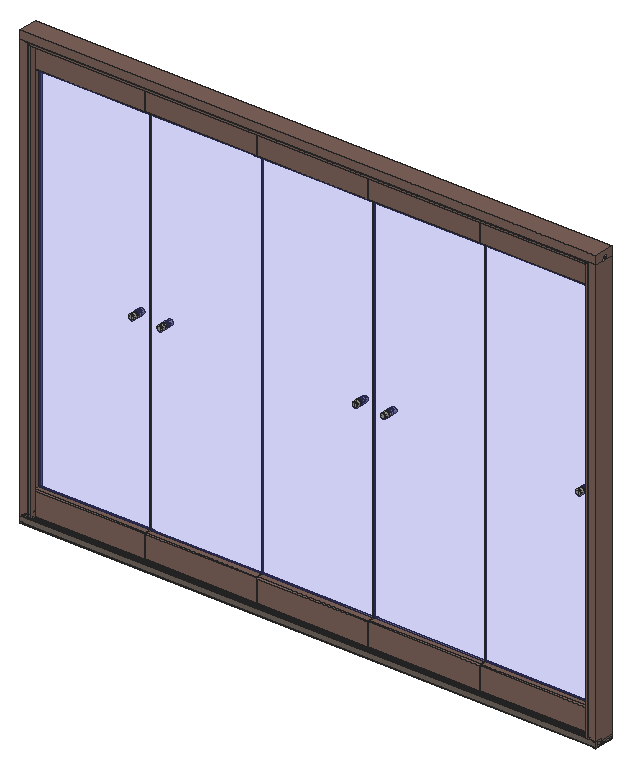
Revit family "FL5L 2385 LH", category Doors, host Wall, Revit 2015
Parameters (values of type "FL5L 2385 LH")
  Function = Interior
  Frame Projection Ext. = 25 mm
  Frame Projection Int. = 25 mm
  Frame Width = 75 mm
  Height = 2385 mm
  Wall Closure = By host
  Width = 3115 mm
Reference planes
  plane 1: y = 0
  plane 2 "Center (Left/Right)": x = 0
  plane 3 "Left": x = -1557.5
  plane 4 "Right": x = 1557.5
  plane 5: z = 2385
  plane 6 "Exterior": y = 75
  plane 7 "Interior": y = -75
  plane 8: x = 1512.5
  plane 9: x = 1508
  plane 10: x = 908
  plane 11: x = 904
  plane 12: x = 304
  plane 13: x = 300
  plane 14: x = -300
  plane 15: x = -304
  plane 16: x = -904
  plane 17: x = -908
  plane 18: x = -1508
  plane 19: x = -1512.5
Forms (mm)
  Extrusion 1, solid, material "Meranti (Frameless)"
    sketch origin (0, 0, 285) x (0, 1, 0) y (0, 0, 1)
      loop
        line (52.5, 2100) -> (-52.5, 2100) -> (-52.5, 2055) -> (-6.5, 2055) -> (-6.5, 2075) -> (15.5, 2075) -> (15.5, 2055) -> (52.5, 2055) -> (52.5, 2100)
    from -1557.5 to 1557.5
  Extrusion 2, solid, material "Steel, Chrome Plated"
    sketch origin (667.231, -1.5, 285) x (0, 1, 0) y (0, 0, 1)
      loop
        line (16.5, 2075) -> (-4.5, 2075) -> (-4.5, 2055) -> (-2.3, 2055) -> (-2.3, 2072.8) -> (14.3, 2072.8) -> (14.3, 2055) -> (16.5, 2055) -> (16.5, 2075)
    from -2224.731 to 890.269
  Extrusion 3, solid, material "Meranti (Frameless)"
    sketch origin (0, 0, 0) x (1, 0, 0) y (0, 1, 0)
      loop
        line (-1557.5, 52.5) -> (-1557.5, -52.5) -> (-1512.5, -52.5) -> (-1512.5, 24.5) -> (-1524.5, 24.5) -> (-1524.5, 52.5) -> (-1557.5, 52.5)
      loop
        line (1557.5, 52.5) -> (1524.5, 52.5) -> (1524.5, 24.5) -> (1512.5, 24.5) -> (1512.5, -52.5) -> (1557.5, -52.5) -> (1557.5, 52.5)
    from 32 to 2340
  Extrusion 4, solid, material "Aluminium Cill (Bronze)"
    sketch origin (0, 79.18, -119.746) x (0, 1, 0) y (0, 0, 1)
      loop
        line (-26.68, 120.746) -> (-26.68, 135.746)
        arc (-26.68, 135.746) -> (-27.558, 137.867) -> (-29.68, 138.746) r 3
        line (-29.68, 138.746) -> (-40.947, 138.746)
        arc (-40.947, 138.746) -> (-42.68, 137.746) -> (-44.412, 138.746) r 2
        line (-44.412, 138.746) -> (-48.947, 138.746)
        arc (-48.947, 138.746) -> (-50.68, 137.746) -> (-52.412, 138.746) r 2
        line (-52.412, 138.746) -> (-56.947, 138.746)
        arc (-56.947, 138.746) -> (-58.68, 137.746) -> (-60.412, 138.746) r 2
        line (-60.412, 138.746) -> (-67.18, 138.746) -> (-67.18, 135.246)
        arc (-67.18, 135.246) -> (-67.619, 134.185) -> (-68.68, 133.746) r 1.5
        line (-68.68, 133.746) -> (-73.43, 133.746) -> (-73.43, 135.746) -> (-71.996, 135.746)
        arc (-71.996, 135.746) -> (-74.68, 138.746) -> (-77.363, 135.746) r 2.7
        line (-77.363, 135.746) -> (-75.93, 135.746) -> (-75.93, 133.746) -> (-80.68, 133.746)
        arc (-80.68, 133.746) -> (-81.74, 134.185) -> (-82.18, 135.246) r 1.5
        line (-82.18, 135.246) -> (-82.18, 138.746) -> (-90.432, 138.746) -> (-98.68, 138.746) -> (-98.68, 143.746)
        arc (-98.68, 143.746) -> (-99.18, 144.246) -> (-99.68, 143.746) r 0.5
        line (-99.68, 143.746) -> (-99.68, 142.734) -> (-100.88, 142.734) -> (-100.88, 150.246) -> (-99.68, 150.246) -> (-99.68, 149.246)
        arc (-99.68, 149.246) -> (-99.18, 148.746) -> (-98.68, 149.246) r 0.5
        line (-98.68, 149.246) -> (-98.68, 150.746)
        arc (-98.68, 150.746) -> (-98.972, 151.453) -> (-99.68, 151.746) r 1
        line (-99.68, 151.746) -> (-109.447, 151.746)
        arc (-109.447, 151.746) -> (-111.18, 150.746) -> (-112.912, 151.746) r 2
        line (-112.912, 151.746) -> (-117.447, 151.746)
        arc (-117.447, 151.746) -> (-119.18, 150.746) -> (-120.912, 151.746) r 2
        line (-120.912, 151.746) -> (-130.68, 151.746)
        arc (-130.68, 151.746) -> (-131.387, 151.453) -> (-131.68, 150.746) r 1
        line (-131.68, 150.746) -> (-131.68, 120.746)
        arc (-131.68, 120.746) -> (-131.387, 120.039) -> (-130.68, 119.746) r 1
        line (-130.68, 119.746) -> (-27.68, 119.746)
        arc (-27.68, 119.746) -> (-26.972, 120.039) -> (-26.68, 120.746) r 1
      loop
        line (-29.68, 137.246) -> (-40.23, 137.246)
        arc (-40.23, 137.246) -> (-42.68, 136.246) -> (-45.129, 137.246) r 3.5
        line (-45.129, 137.246) -> (-48.23, 137.246)
        arc (-48.23, 137.246) -> (-50.68, 136.246) -> (-53.129, 137.246) r 3.5
        line (-53.129, 137.246) -> (-56.23, 137.246)
        arc (-56.23, 137.246) -> (-58.68, 136.246) -> (-61.129, 137.246) r 3.5
        line (-61.129, 137.246) -> (-65.68, 137.246) -> (-65.68, 135.246)
        arc (-65.68, 135.246) -> (-66.558, 133.125) -> (-68.68, 132.246) r 3
        line (-68.68, 132.246) -> (-73.93, 132.246) -> (-73.93, 121.246) -> (-28.18, 121.246) -> (-28.18, 135.746)
        arc (-28.18, 135.746) -> (-28.619, 136.807) -> (-29.68, 137.246) r 1.5
      loop
        line (-75.43, 132.246) -> (-80.68, 132.246)
        arc (-80.68, 132.246) -> (-82.801, 133.125) -> (-83.68, 135.246) r 3
        line (-83.68, 135.246) -> (-83.68, 137.246) -> (-98.68, 137.246) -> (-98.68, 121.246) -> (-75.43, 121.246) -> (-75.43, 132.246)
      loop
        line (-100.18, 121.246) -> (-100.18, 141.246) -> (-102.38, 141.246) -> (-102.38, 150.246) -> (-108.73, 150.246)
        arc (-108.73, 150.246) -> (-111.18, 149.246) -> (-113.629, 150.246) r 3.5
        line (-113.629, 150.246) -> (-116.73, 150.246)
        arc (-116.73, 150.246) -> (-119.18, 149.246) -> (-121.629, 150.246) r 3.5
        line (-121.629, 150.246) -> (-130.18, 150.246) -> (-130.18, 121.246) -> (-100.18, 121.246)
    from -1557.5 to 1557.5
  Extrusion 5, solid, material "Meranti (Frameless)"
    sketch origin (0, 0, 0) x (1, 0, 0) y (0, 1, 0)
      loop
        line (-1557.5, 52.5) -> (-1557.5, -19.5) -> (-1512.5, -19.5) -> (-1512.5, 24.5) -> (-1524.5, 24.5) -> (-1524.5, 52.5) -> (-1557.5, 52.5)
      loop
        line (1557.5, 52.5) -> (1524.5, 52.5) -> (1524.5, 24.5) -> (1512.5, 24.5) -> (1512.5, -19.5) -> (1557.5, -19.5) -> (1557.5, 52.5)
    from 19 to 32
  Extrusion 6, solid, material "Meranti (Frameless)"
    sketch origin (0, 0, 285) x (0, 1, 0) y (0, 0, 1)
      loop
        line (-52.5, 2052) -> (-52.5, 2042) -> (-26.5, 2042) -> (-26.5, 2045.5) -> (-33.5, 2045.5) -> (-33.5, 2048.5) -> (-26.5, 2048.5) -> (-26.5, 2055) -> (-49.5, 2055) -> (-49.5, 2052) -> (-52.5, 2052)
    from -1512.5 to 1512.5
  Extrusion 7, solid, material "Meranti (Frameless)"
    sketch origin (0, 0, 285) x (1, 0, 0) y (0, 1, 0)
      loop
        line (-1509.5, -52.5) -> (-1499.5, -52.5) -> (-1499.5, -26.5) -> (-1503, -26.5) -> (-1503, -33.5) -> (-1506, -33.5) -> (-1506, -26.5) -> (-1512.5, -26.5) -> (-1512.5, -49.5) -> (-1509.5, -49.5) -> (-1509.5, -52.5)
      loop
        line (1509.5, -52.5) -> (1509.5, -49.5) -> (1512.5, -49.5) -> (1512.5, -26.5) -> (1506, -26.5) -> (1506, -33.5) -> (1503, -33.5) -> (1503, -26.5) -> (1499.5, -26.5) -> (1499.5, -52.5) -> (1509.5, -52.5)
    from -253 to 2042
  Extrusion 8, solid, material "Meranti (Frameless)"
    sketch origin (598, 0, 0) x (0, 1, 0) y (0, 0, 1)
      loop
        line (24.5, 24) -> (24.5, 112) -> (13, 112) -> (13, 162) -> (-15.5, 162) -> (-20.5, 157) -> (-20.5, 37) -> (-15.5, 37) -> (-15.5, 24) -> (24.5, 24)
      loop
        line (24.5, 2335) -> (-20.5, 2335) -> (-20.5, 2202) -> (-15.5, 2197) -> (13, 2197) -> (13, 2247) -> (24.5, 2247) -> (24.5, 2335)
    from 310 to 910
  Extrusion 9, solid, material "Glass"
    sketch origin (1071.601, -93.1, -804.253) x (1, 0, 0) y (0, 0, 1)
      loop
        line (-163.601, 3051.253) -> (-163.601, 916.253) -> (436.399, 916.253) -> (436.399, 3051.253) -> (-163.601, 3051.253)
    from -116.1 to -106.1
  Extrusion 10, solid, material "Rubber, Black"
    sketch origin (600.5, 0, 0) x (0, 1, 0) y (0, 0, 1)
      loop
        line (24.5, 112) -> (24.5, 162) -> (23, 162) -> (23, 112) -> (24.5, 112)
      loop
        line (24.5, 2197) -> (24.5, 2247) -> (23, 2247) -> (23, 2197) -> (24.5, 2197)
    from 307.5 to 907.5
  Revolve 11, solid, material "Steel, S 460"
    sketch origin (1058, 0, -1800) x (0, 1, 0) y (0, 0, 1)
      loop
        line (24.5, 1941.5) -> (31.5, 1941.5) -> (31.5, 1950) -> (29.5, 1952) -> (24.5, 1952) -> (24.5, 1941.5)
      axis (31.5, 1937) -> (24.5, 1937)
    angle from 0 to 360
  Revolve 12, solid, material "Steel, S 460"
    sketch origin (1358, 0, -1800) x (0, 1, 0) y (0, 0, -1)
      loop
        line (24.5, -1941.5) -> (24.5, -1952) -> (29.5, -1952) -> (31.5, -1950) -> (31.5, -1941.5) -> (24.5, -1941.5)
      axis (31.5, -1937) -> (24.5, -1937)
    angle from 0 to 360
  Revolve 13, solid, material "Steel, S 460"
    sketch origin (1058, 0, 285) x (0, 1, 0) y (0, 0, 1)
      loop
        line (24.5, 1941.5) -> (31.5, 1941.5) -> (31.5, 1950) -> (29.5, 1952) -> (24.5, 1952) -> (24.5, 1941.5)
      axis (31.5, 1937) -> (24.5, 1937)
    angle from 0 to 360
  Revolve 14, solid, material "Steel, S 460"
    sketch origin (1358, 0, 285) x (0, 1, 0) y (0, 0, -1)
      loop
        line (24.5, -1941.5) -> (24.5, -1952) -> (29.5, -1952) -> (31.5, -1950) -> (31.5, -1941.5) -> (24.5, -1941.5)
      axis (31.5, -1937) -> (24.5, -1937)
    angle from 0 to 360
  Extrusion 15, solid, material "Meranti (Frameless)"
    sketch origin (-6, 0, 0) x (0, 1, 0) y (0, 0, 1)
      loop
        line (24.5, 24) -> (24.5, 112) -> (13, 112) -> (13, 162) -> (-15.5, 162) -> (-20.5, 157) -> (-20.5, 37) -> (-15.5, 37) -> (-15.5, 24) -> (24.5, 24)
      loop
        line (24.5, 2335) -> (-20.5, 2335) -> (-20.5, 2202) -> (-15.5, 2197) -> (13, 2197) -> (13, 2247) -> (24.5, 2247) -> (24.5, 2335)
    from 310 to 910
  Extrusion 16, solid, material "Glass"
    sketch origin (467.601, -93.1, -804.253) x (1, 0, 0) y (0, 0, 1)
      loop
        line (-163.601, 3051.253) -> (-163.601, 916.253) -> (436.399, 916.253) -> (436.399, 3051.253) -> (-163.601, 3051.253)
    from -116.1 to -106.1
  Extrusion 17, solid, material "Rubber, Black"
    sketch origin (-3.5, 0, 0) x (0, 1, 0) y (0, 0, 1)
      loop
        line (24.5, 112) -> (24.5, 162) -> (23, 162) -> (23, 112) -> (24.5, 112)
      loop
        line (24.5, 2197) -> (24.5, 2247) -> (23, 2247) -> (23, 2197) -> (24.5, 2197)
    from 307.5 to 907.5
  Revolve 18, solid, material "Steel, S 460"
    sketch origin (454, 0, -1800) x (0, 1, 0) y (0, 0, 1)
      loop
        line (24.5, 1941.5) -> (31.5, 1941.5) -> (31.5, 1950) -> (29.5, 1952) -> (24.5, 1952) -> (24.5, 1941.5)
      axis (31.5, 1937) -> (24.5, 1937)
    angle from 0 to 360
  Revolve 19, solid, material "Steel, S 460"
    sketch origin (754, 0, -1800) x (0, 1, 0) y (0, 0, -1)
      loop
        line (24.5, -1941.5) -> (24.5, -1952) -> (29.5, -1952) -> (31.5, -1950) -> (31.5, -1941.5) -> (24.5, -1941.5)
      axis (31.5, -1937) -> (24.5, -1937)
    angle from 0 to 360
  Revolve 20, solid, material "Steel, S 460"
    sketch origin (454, 0, 285) x (0, 1, 0) y (0, 0, 1)
      loop
        line (24.5, 1941.5) -> (31.5, 1941.5) -> (31.5, 1950) -> (29.5, 1952) -> (24.5, 1952) -> (24.5, 1941.5)
      axis (31.5, 1937) -> (24.5, 1937)
    angle from 0 to 360
  Revolve 21, solid, material "Steel, S 460"
    sketch origin (754, 0, 285) x (0, 1, 0) y (0, 0, -1)
      loop
        line (24.5, -1941.5) -> (24.5, -1952) -> (29.5, -1952) -> (31.5, -1950) -> (31.5, -1941.5) -> (24.5, -1941.5)
      axis (31.5, -1937) -> (24.5, -1937)
    angle from 0 to 360
  Extrusion 22, solid, material "Meranti (Frameless)"
    sketch origin (-610, 0, 0) x (0, 1, 0) y (0, 0, 1)
      loop
        line (24.5, 24) -> (24.5, 112) -> (13, 112) -> (13, 162) -> (-15.5, 162) -> (-20.5, 157) -> (-20.5, 37) -> (-15.5, 37) -> (-15.5, 24) -> (24.5, 24)
      loop
        line (24.5, 2335) -> (-20.5, 2335) -> (-20.5, 2202) -> (-15.5, 2197) -> (13, 2197) -> (13, 2247) -> (24.5, 2247) -> (24.5, 2335)
    from 310 to 910
  Extrusion 23, solid, material "Glass"
    sketch origin (-136.399, -93.1, -804.253) x (1, 0, 0) y (0, 0, 1)
      loop
        line (-163.601, 3051.253) -> (-163.601, 916.253) -> (436.399, 916.253) -> (436.399, 3051.253) -> (-163.601, 3051.253)
    from -116.1 to -106.1
  Extrusion 24, solid, material "Rubber, Black"
    sketch origin (-607.5, 0, 0) x (0, 1, 0) y (0, 0, 1)
      loop
        line (24.5, 112) -> (24.5, 162) -> (23, 162) -> (23, 112) -> (24.5, 112)
      loop
        line (24.5, 2197) -> (24.5, 2247) -> (23, 2247) -> (23, 2197) -> (24.5, 2197)
    from 307.5 to 907.5
  Revolve 25, solid, material "Steel, S 460"
    sketch origin (-150, 0, -1800) x (0, 1, 0) y (0, 0, 1)
      loop
        line (24.5, 1941.5) -> (31.5, 1941.5) -> (31.5, 1950) -> (29.5, 1952) -> (24.5, 1952) -> (24.5, 1941.5)
      axis (31.5, 1937) -> (24.5, 1937)
    angle from 0 to 360
  Revolve 26, solid, material "Steel, S 460"
    sketch origin (150, 0, -1800) x (0, 1, 0) y (0, 0, -1)
      loop
        line (24.5, -1941.5) -> (24.5, -1952) -> (29.5, -1952) -> (31.5, -1950) -> (31.5, -1941.5) -> (24.5, -1941.5)
      axis (31.5, -1937) -> (24.5, -1937)
    angle from 0 to 360
  Revolve 27, solid, material "Steel, S 460"
    sketch origin (-150, 0, 285) x (0, 1, 0) y (0, 0, 1)
      loop
        line (24.5, 1941.5) -> (31.5, 1941.5) -> (31.5, 1950) -> (29.5, 1952) -> (24.5, 1952) -> (24.5, 1941.5)
      axis (31.5, 1937) -> (24.5, 1937)
    angle from 0 to 360
  Revolve 28, solid, material "Steel, S 460"
    sketch origin (150, 0, 285) x (0, 1, 0) y (0, 0, -1)
      loop
        line (24.5, -1941.5) -> (24.5, -1952) -> (29.5, -1952) -> (31.5, -1950) -> (31.5, -1941.5) -> (24.5, -1941.5)
      axis (31.5, -1937) -> (24.5, -1937)
    angle from 0 to 360
  Extrusion 29, solid, material "Meranti (Frameless)"
    sketch origin (-1214, 0, 0) x (0, 1, 0) y (0, 0, 1)
      loop
        line (24.5, 24) -> (24.5, 112) -> (13, 112) -> (13, 162) -> (-15.5, 162) -> (-20.5, 157) -> (-20.5, 37) -> (-15.5, 37) -> (-15.5, 24) -> (24.5, 24)
      loop
        line (24.5, 2335) -> (-20.5, 2335) -> (-20.5, 2202) -> (-15.5, 2197) -> (13, 2197) -> (13, 2247) -> (24.5, 2247) -> (24.5, 2335)
    from 310 to 910
  Extrusion 30, solid, material "Glass"
    sketch origin (-740.399, -93.1, -804.253) x (1, 0, 0) y (0, 0, 1)
      loop
        line (-163.601, 3051.253) -> (-163.601, 916.253) -> (436.399, 916.253) -> (436.399, 3051.253) -> (-163.601, 3051.253)
    from -116.1 to -106.1
  Extrusion 31, solid, material "Rubber, Black"
    sketch origin (-1211.5, 0, 0) x (0, 1, 0) y (0, 0, 1)
      loop
        line (24.5, 112) -> (24.5, 162) -> (23, 162) -> (23, 112) -> (24.5, 112)
      loop
        line (24.5, 2197) -> (24.5, 2247) -> (23, 2247) -> (23, 2197) -> (24.5, 2197)
    from 307.5 to 907.5
  Revolve 32, solid, material "Steel, S 460"
    sketch origin (-754, 0, -1800) x (0, 1, 0) y (0, 0, 1)
      loop
        line (24.5, 1941.5) -> (31.5, 1941.5) -> (31.5, 1950) -> (29.5, 1952) -> (24.5, 1952) -> (24.5, 1941.5)
      axis (31.5, 1937) -> (24.5, 1937)
    angle from 0 to 360
  Revolve 33, solid, material "Steel, S 460"
    sketch origin (-454, 0, -1800) x (0, 1, 0) y (0, 0, -1)
      loop
        line (24.5, -1941.5) -> (24.5, -1952) -> (29.5, -1952) -> (31.5, -1950) -> (31.5, -1941.5) -> (24.5, -1941.5)
      axis (31.5, -1937) -> (24.5, -1937)
    angle from 0 to 360
  Revolve 34, solid, material "Steel, S 460"
    sketch origin (-754, 0, 285) x (0, 1, 0) y (0, 0, 1)
      loop
        line (24.5, 1941.5) -> (31.5, 1941.5) -> (31.5, 1950) -> (29.5, 1952) -> (24.5, 1952) -> (24.5, 1941.5)
      axis (31.5, 1937) -> (24.5, 1937)
    angle from 0 to 360
  Revolve 35, solid, material "Steel, S 460"
    sketch origin (-454, 0, 285) x (0, 1, 0) y (0, 0, -1)
      loop
        line (24.5, -1941.5) -> (24.5, -1952) -> (29.5, -1952) -> (31.5, -1950) -> (31.5, -1941.5) -> (24.5, -1941.5)
      axis (31.5, -1937) -> (24.5, -1937)
    angle from 0 to 360
  Extrusion 36, solid, material "Meranti (Frameless)"
    sketch origin (-1818, 0, 0) x (0, 1, 0) y (0, 0, 1)
      loop
        line (24.5, 24) -> (24.5, 112) -> (13, 112) -> (13, 162) -> (-15.5, 162) -> (-20.5, 157) -> (-20.5, 37) -> (-15.5, 37) -> (-15.5, 24) -> (24.5, 24)
      loop
        line (24.5, 2335) -> (-20.5, 2335) -> (-20.5, 2202) -> (-15.5, 2197) -> (13, 2197) -> (13, 2247) -> (24.5, 2247) -> (24.5, 2335)
    from 310 to 910
  Extrusion 37, solid, material "Glass"
    sketch origin (-1344.399, -93.1, -804.253) x (1, 0, 0) y (0, 0, 1)
      loop
        line (-163.601, 3051.253) -> (-163.601, 916.253) -> (436.399, 916.253) -> (436.399, 3051.253) -> (-163.601, 3051.253)
    from -116.1 to -106.1
  Extrusion 38, solid, material "Rubber, Black"
    sketch origin (-1815.5, 0, 0) x (0, 1, 0) y (0, 0, 1)
      loop
        line (24.5, 112) -> (24.5, 162) -> (23, 162) -> (23, 112) -> (24.5, 112)
      loop
        line (24.5, 2197) -> (24.5, 2247) -> (23, 2247) -> (23, 2197) -> (24.5, 2197)
    from 307.5 to 907.5
  Revolve 39, solid, material "Steel, S 460"
    sketch origin (-1358, 0, -1800) x (0, 1, 0) y (0, 0, 1)
      loop
        line (24.5, 1941.5) -> (31.5, 1941.5) -> (31.5, 1950) -> (29.5, 1952) -> (24.5, 1952) -> (24.5, 1941.5)
      axis (31.5, 1937) -> (24.5, 1937)
    angle from 0 to 360
  Revolve 40, solid, material "Steel, S 460"
    sketch origin (-1058, 0, -1800) x (0, 1, 0) y (0, 0, -1)
      loop
        line (24.5, -1941.5) -> (24.5, -1952) -> (29.5, -1952) -> (31.5, -1950) -> (31.5, -1941.5) -> (24.5, -1941.5)
      axis (31.5, -1937) -> (24.5, -1937)
    angle from 0 to 360
  Revolve 41, solid, material "Steel, S 460"
    sketch origin (-1358, 0, 285) x (0, 1, 0) y (0, 0, 1)
      loop
        line (24.5, 1941.5) -> (31.5, 1941.5) -> (31.5, 1950) -> (29.5, 1952) -> (24.5, 1952) -> (24.5, 1941.5)
      axis (31.5, 1937) -> (24.5, 1937)
    angle from 0 to 360
  Revolve 42, solid, material "Steel, S 460"
    sketch origin (-1058, 0, 285) x (0, 1, 0) y (0, 0, -1)
      loop
        line (24.5, -1941.5) -> (24.5, -1952) -> (29.5, -1952) -> (31.5, -1950) -> (31.5, -1941.5) -> (24.5, -1941.5)
      axis (31.5, -1937) -> (24.5, -1937)
    angle from 0 to 360
  Revolve 43, solid, material "Steel, Chrome Plated"
    sketch origin (-983, -128.249, 152.823) x (0, 1, 0) y (0, 0, -1)
      loop
        line (151.249, -1026.677) -> (151.249, -1041.677) -> (154.249, -1041.677) -> (159.249, -1036.677) -> (164.249, -1041.677) -> (180.249, -1041.677) -> (181.249, -1040.677) -> (181.249, -1026.677) -> (151.249, -1026.677)
      axis (181.249, -1026.677) -> (151.249, -1026.677)
    angle from 0 to 360
  Revolve 44, solid, material "Steel, Chrome Plated"
    sketch origin (-983, 164.249, 152.823) x (0, -1, 0) y (0, 0, 1)
      loop
        line (151.249, 1026.677) -> (181.249, 1026.677) -> (181.249, 1040.677) -> (180.249, 1041.677) -> (164.249, 1041.677) -> (159.249, 1036.677) -> (154.249, 1041.677) -> (151.249, 1041.677) -> (151.249, 1026.677)
      axis (181.249, 1026.677) -> (151.249, 1026.677)
    angle from 0 to 360
  Revolve 45, solid, material "Steel, Chrome Plated"
    sketch origin (225, -128.249, 152.823) x (0, 1, 0) y (0, 0, -1)
      loop
        line (151.249, -1026.677) -> (151.249, -1041.677) -> (154.249, -1041.677) -> (159.249, -1036.677) -> (164.249, -1041.677) -> (180.249, -1041.677) -> (181.249, -1040.677) -> (181.249, -1026.677) -> (151.249, -1026.677)
      axis (181.249, -1026.677) -> (151.249, -1026.677)
    angle from 0 to 360
  Revolve 46, solid, material "Steel, Chrome Plated"
    sketch origin (225, 164.249, 152.823) x (0, -1, 0) y (0, 0, 1)
      loop
        line (151.249, 1026.677) -> (181.249, 1026.677) -> (181.249, 1040.677) -> (180.249, 1041.677) -> (164.249, 1041.677) -> (159.249, 1036.677) -> (154.249, 1041.677) -> (151.249, 1041.677) -> (151.249, 1026.677)
      axis (181.249, 1026.677) -> (151.249, 1026.677)
    angle from 0 to 360
  Revolve 47, solid, material "Steel, Chrome Plated"
    sketch origin (1433, -128.249, 152.823) x (0, 1, 0) y (0, 0, -1)
      loop
        line (151.249, -1026.677) -> (151.249, -1041.677) -> (154.249, -1041.677) -> (159.249, -1036.677) -> (164.249, -1041.677) -> (180.249, -1041.677) -> (181.249, -1040.677) -> (181.249, -1026.677) -> (151.249, -1026.677)
      axis (181.249, -1026.677) -> (151.249, -1026.677)
    angle from 0 to 360
  Revolve 48, solid, material "Steel, Chrome Plated"
    sketch origin (1433, 164.249, 152.823) x (0, -1, 0) y (0, 0, 1)
      loop
        line (151.249, 1026.677) -> (181.249, 1026.677) -> (181.249, 1040.677) -> (180.249, 1041.677) -> (164.249, 1041.677) -> (159.249, 1036.677) -> (154.249, 1041.677) -> (151.249, 1041.677) -> (151.249, 1026.677)
      axis (181.249, 1026.677) -> (151.249, 1026.677)
    angle from 0 to 360
  Revolve 49, solid, material "Steel, Chrome Plated"
    sketch origin (-829, -128.249, 152.823) x (0, 1, 0) y (0, 0, 1)
      loop
        line (151.249, 1026.677) -> (181.249, 1026.677) -> (181.249, 1040.677) -> (180.249, 1041.677) -> (164.249, 1041.677) -> (159.249, 1036.677) -> (154.249, 1041.677) -> (151.249, 1041.677) -> (151.249, 1026.677)
      axis (181.249, 1026.677) -> (151.249, 1026.677)
    angle from 0 to 360
  Revolve 50, solid, material "Steel, Chrome Plated"
    sketch origin (-829, 164.249, 152.823) x (0, -1, 0) y (0, 0, -1)
      loop
        line (151.249, -1026.677) -> (151.249, -1041.677) -> (154.249, -1041.677) -> (159.249, -1036.677) -> (164.249, -1041.677) -> (180.249, -1041.677) -> (181.249, -1040.677) -> (181.249, -1026.677) -> (151.249, -1026.677)
      axis (181.249, -1026.677) -> (151.249, -1026.677)
    angle from 0 to 360
  Revolve 51, solid, material "Steel, Chrome Plated"
    sketch origin (379, -128.249, 152.823) x (0, 1, 0) y (0, 0, 1)
      loop
        line (151.249, 1026.677) -> (181.249, 1026.677) -> (181.249, 1040.677) -> (180.249, 1041.677) -> (164.249, 1041.677) -> (159.249, 1036.677) -> (154.249, 1041.677) -> (151.249, 1041.677) -> (151.249, 1026.677)
      axis (181.249, 1026.677) -> (151.249, 1026.677)
    angle from 0 to 360
  Revolve 52, solid, material "Steel, Chrome Plated"
    sketch origin (379, 164.249, 152.823) x (0, -1, 0) y (0, 0, -1)
      loop
        line (151.249, -1026.677) -> (151.249, -1041.677) -> (154.249, -1041.677) -> (159.249, -1036.677) -> (164.249, -1041.677) -> (180.249, -1041.677) -> (181.249, -1040.677) -> (181.249, -1026.677) -> (151.249, -1026.677)
      axis (181.249, -1026.677) -> (151.249, -1026.677)
    angle from 0 to 360
Cuts and joins
  joined: Extrusion 3, Extrusion 5
Lines and regions (mm)
  Opening 1
    outline origin (-3050, -75, 0) x (1, 0, 0) y (0, 0, 1)
      loop
        line (1492.5, 0) -> (4607.5, 0) -> (4607.5, 2385) -> (1492.5, 2385) -> (1492.5, 0)
  model lines
    curve 1: line (-1512.5, 24.5, 0) -> (-1307.288, 588.316, 0)
    curve 2: line (-1307.288, 588.316, 0) -> (-1265.002, 572.925, 0)
    curve 3: line (-1265.002, 572.925, 0) -> (-1470.214, 9.109, 0)
    curve 4: line (-1017.503, 24.5, 0) -> (-1222.716, 588.316, 0)
    curve 5: line (-1222.716, 588.316, 0) -> (-1265.002, 572.925, 0)
    curve 6: line (-1265.002, 572.925, 0) -> (-1059.79, 9.109, 0)
    curve 7: line (-1017.503, 24.5, 0) -> (-812.291, 588.316, 0)
    curve 8: line (-812.291, 588.316, 0) -> (-770.005, 572.925, 0)
    curve 9: line (-770.005, 572.925, 0) -> (-975.217, 9.109, 0)
    curve 10: line (-522.507, 24.5, 0) -> (-317.295, 588.316, 0)
    curve 11: line (-317.295, 588.316, 0) -> (-275.009, 572.925, 0)
    curve 12: line (-275.009, 572.925, 0) -> (-480.221, 9.109, 0)
    curve 13: line (-522.507, 24.5, 0) -> (-727.719, 588.316, 0)
    curve 14: line (-727.719, 588.316, 0) -> (-770.005, 572.925, 0)
    curve 15: line (-770.005, 572.925, 0) -> (-564.793, 9.109, 0)
    curve 16: line (1379.698, 75, 1192.5) -> (1204.698, 75, 1192.5)
    curve 17: line (1065.621, 75, 1192.5) -> (1204.698, 75, 1248.691)
    curve 18: line (1204.698, 75, 1248.691) -> (1204.698, 75, 1136.309)
    curve 19: line (1065.621, 75, 1192.5) -> (1204.698, 75, 1136.309)
    curve 20: line (775.698, 75, 1192.5) -> (600.698, 75, 1192.5)
    curve 21: line (461.621, 75, 1192.5) -> (600.698, 75, 1248.691)
    curve 22: line (600.698, 75, 1248.691) -> (600.698, 75, 1136.309)
    curve 23: line (461.621, 75, 1192.5) -> (600.698, 75, 1136.309)
    curve 24: line (171.698, 75, 1192.5) -> (-3.302, 75, 1192.5)
    curve 25: line (-142.379, 75, 1192.5) -> (-3.302, 75, 1248.691)
    curve 26: line (-3.302, 75, 1248.691) -> (-3.302, 75, 1136.309)
    curve 27: line (-142.379, 75, 1192.5) -> (-3.302, 75, 1136.309)
    curve 28: line (-432.302, 75, 1192.5) -> (-607.302, 75, 1192.5)
    curve 29: line (-746.379, 75, 1192.5) -> (-607.302, 75, 1248.691)
    curve 30: line (-607.302, 75, 1248.691) -> (-607.302, 75, 1136.309)
    curve 31: line (-746.379, 75, 1192.5) -> (-607.302, 75, 1136.309)
    curve 32: line (-1036.302, 75, 1192.5) -> (-1211.302, 75, 1192.5)
    curve 33: line (-1350.379, 75, 1192.5) -> (-1211.302, 75, 1248.691)
    curve 34: line (-1211.302, 75, 1248.691) -> (-1211.302, 75, 1136.309)
    curve 35: line (-1350.379, 75, 1192.5) -> (-1211.302, 75, 1136.309)
Text (mm)
  text "Exterior" at (-2295.016, 1099.543, 0), in view "Ref. Level"
  text "Exterior" at (0, 1615.38, 3698.081), in view "Left"
  text "Exterior" at (0, 1036.032, 3874.932), in view "Right"
Dimensions and locks
  equal spacing: plane 3 "Left", plane 2 "Center (Left/Right)", plane 4 "Right"
  "Width": plane 3 "Left" to plane 4 "Right"
  "Height": plane 5 to host wall
  host wall to plane 5 = 2385 mm  (x2)
  locked: plane 6 "Exterior" to host wall at 0
  locked: plane 7 "Interior" to host wall
  plane 3 "Left" to plane 4 "Right" = 3115 mm
  aligned and locked: plane 3 "Left" to Opening 1 sketch curve
  aligned and locked: plane 5 to Opening 1 sketch curve  (x2)
  aligned and locked: Opening 1 sketch curve to plane 4 "Right"
  aligned and locked: Opening 1 sketch curve to level
  aligned and locked: plane 1 to host wall
  aligned and locked: Extrusion 8 to Extrusion 10  (x2)
  aligned and locked: Extrusion 15 to Extrusion 17  (x2)
  aligned and locked: Extrusion 22 to Extrusion 24  (x2)
  aligned and locked: Extrusion 29 to Extrusion 31  (x2)
  aligned and locked: Extrusion 36 to Extrusion 38  (x2)
Automatic sketch dimensions
  curve 1 to plane 19 = 0 mm
  plane 18 to curve 1 = 200.712 mm
  curve 1 to curve 2 = 42.286 mm
  curve 2 to curve 4 = 42.286 mm
  curve 7 to host wall = 24.5 mm
  curve 7 to plane 17 = 109.503 mm
  plane 16 to curve 8 = 91.709 mm
  curve 7 to curve 9 = 42.286 mm
  curve 8 to curve 14 = 42.286 mm
  curve 13 to host wall = 24.5 mm
  curve 13 to plane 15 = 218.507 mm
  curve 11 to plane 15 = 13.295 mm
  plane 14 to curve 11 = 24.991 mm
  host wall to curve 15 = 497.925 mm
  curve 12 to curve 13 = 15.391 mm
  curve 2 to curve 7 = 15.391 mm
  curve 2 to curve 2 = 15.391 mm
  curve 3 to host wall = 9.109 mm
  curve 6 to host wall = 9.109 mm
  curve 9 to host wall = 9.109 mm
  curve 15 to host wall = 9.109 mm
  curve 12 to host wall = 9.109 mm
  plane 18 to curve 33 = 157.621 mm
  curve 33 to curve 33 = 139.078 mm
  plane 16 to curve 31 = 157.621 mm
  curve 29 to curve 31 = 139.078 mm
  curve 25 to plane 2 "Center (Left/Right)" = 142.379 mm
  curve 26 to plane 2 "Center (Left/Right)" = 3.302 mm
  plane 12 to curve 23 = 157.621 mm
  curve 21 to curve 23 = 139.078 mm
  plane 10 to curve 19 = 157.621 mm
  curve 17 to curve 18 = 139.078 mm
  level to curve 23 = 1136.309 mm
  curve 26 to curve 22 = 0 mm
  curve 19 to curve 22 = 0 mm
  curve 30 to curve 26 = 0 mm
  curve 34 to curve 30 = 0 mm
  curve 30 to curve 31 = 56.191 mm
  curve 34 to curve 35 = 56.191 mm
  curve 18 to curve 17 = 56.191 mm
  curve 22 to curve 21 = 56.191 mm
  curve 26 to curve 27 = 56.191 mm
  curve 26 to curve 25 = 112.382 mm
  curve 22 to curve 22 = 112.382 mm
  curve 18 to curve 18 = 112.382 mm
  curve 30 to curve 29 = 112.382 mm
  curve 34 to curve 33 = 112.382 mm
  curve 32 to plane 17 = 128.302 mm
  curve 28 to plane 15 = 128.302 mm
  curve 24 to plane 13 = 128.302 mm
  curve 20 to plane 11 = 128.302 mm
  curve 16 to plane 9 = 128.302 mm
  curve 32 to curve 33 = 56.191 mm
  curve 16 to curve 17 = 56.191 mm
  curve 28 to curve 29 = 56.191 mm
  curve 20 to curve 21 = 56.191 mm
  curve 24 to curve 25 = 56.191 mm
  plane 5 to Extrusion 1 sketch curve = 0 mm
  Extrusion 1 sketch curve to host wall = 22.5 mm  (x2)
  host wall to Extrusion 1 sketch curve = 6.5 mm
  Extrusion 1 sketch curve to host wall = 15.5 mm
  plane 5 to Extrusion 1 sketch curve = 25 mm
  Extrusion 1 sketch curve to Extrusion 1 sketch curve = 20 mm  (x2)
  host wall to Extrusion 2 sketch curve = 6 mm
  Extrusion 2 sketch curve to Extrusion 2 sketch curve = 2.2 mm  (x3)
  Extrusion 2 sketch curve to host wall = 12.8 mm
  plane 5 to Extrusion 2 sketch curve = 45 mm
  Extrusion 2 sketch curve to Extrusion 2 sketch curve = 0 mm
  Extrusion 2 sketch curve to Extrusion 2 sketch curve = 17.8 mm
  Extrusion 3 sketch curve to plane 3 "Left" = 0 mm
  Extrusion 3 sketch curve to plane 19 = 0 mm
  Extrusion 3 sketch curve to plane 8 = 0 mm
  Extrusion 3 sketch curve to plane 4 "Right" = 0 mm
  Extrusion 3 sketch curve to Extrusion 3 sketch curve = 12 mm
  plane 8 to Extrusion 3 sketch curve = 12 mm
  Extrusion 3 sketch curve to host wall = 22.5 mm  (x4)
  Extrusion 3 sketch curve to host wall = 24.5 mm  (x2)
  Extrusion 4 sketch curve to level = 0 mm
  level to Extrusion 4 sketch curve = 1 mm
  Extrusion 4 sketch curve to host wall = 22.5 mm
  Extrusion 4 sketch curve to Extrusion 4 sketch curve = 1 mm  (x7)
  Extrusion 4 sketch curve to Extrusion 4 sketch curve = 0.5 mm  (x8)
  Extrusion 4 sketch curve to Extrusion 4 sketch curve = 8.551 mm
  Extrusion 4 sketch curve to Extrusion 4 sketch curve = 0.717 mm  (x10)
  Extrusion 4 sketch curve to Extrusion 4 sketch curve = 1.732 mm  (x10)
  Extrusion 4 sketch curve to Extrusion 4 sketch curve = 0 mm  (x26)
  Extrusion 4 sketch curve to Extrusion 4 sketch curve = 3.101 mm  (x3)
  Extrusion 4 sketch curve to Extrusion 4 sketch curve = 6.351 mm
  Extrusion 4 sketch curve to Extrusion 4 sketch curve = 1.5 mm  (x15)
  Extrusion 4 sketch curve to Extrusion 4 sketch curve = 0.7 mm
  level to Extrusion 4 sketch curve = 1.5 mm  (x3)
  Extrusion 4 sketch curve to Extrusion 4 sketch curve = 1.2 mm  (x2)
  Extrusion 4 sketch curve to Extrusion 4 sketch curve = 8.248 mm
  host wall to Extrusion 4 sketch curve = 4.5 mm
  host wall to Extrusion 4 sketch curve = 1.5 mm  (x2)
  Extrusion 4 sketch curve to host wall = 1.817 mm
  Extrusion 4 sketch curve to Extrusion 4 sketch curve = 1.433 mm  (x3)
  Extrusion 4 sketch curve to host wall = 3.75 mm
  Extrusion 4 sketch curve to Extrusion 4 sketch curve = 1.25 mm  (x2)
  Extrusion 4 sketch curve to Extrusion 4 sketch curve = 3.317 mm
  Extrusion 4 sketch curve to Extrusion 4 sketch curve = 4.551 mm
  Extrusion 4 sketch curve to Extrusion 4 sketch curve = 10.551 mm
  Extrusion 4 sketch curve to Extrusion 4 sketch curve = 11 mm
  Extrusion 4 sketch curve to Extrusion 4 sketch curve = 14.5 mm
  Extrusion 4 sketch curve to Extrusion 4 sketch curve = 2 mm  (x4)
  Extrusion 4 sketch curve to Extrusion 4 sketch curve = 0.3 mm
  Extrusion 4 sketch curve to Extrusion 4 sketch curve = 2.5 mm
  Extrusion 4 sketch curve to Extrusion 4 sketch curve = 1.488 mm
  Extrusion 4 sketch curve to Extrusion 4 sketch curve = 1.012 mm
  Extrusion 4 sketch curve to Extrusion 4 sketch curve = 5.5 mm
  Extrusion 5 sketch curve to plane 3 "Left" = 0 mm
  Extrusion 5 sketch curve to plane 19 = 0 mm
  Extrusion 5 sketch curve to plane 8 = 0 mm
  Extrusion 5 sketch curve to plane 4 "Right" = 0 mm
  Extrusion 5 sketch curve to plane 19 = 12 mm
  plane 8 to Extrusion 5 sketch curve = 12 mm
  host wall to Extrusion 5 sketch curve = 19.5 mm  (x2)
  Extrusion 5 sketch curve to host wall = 24.5 mm  (x2)
  Extrusion 5 sketch curve to host wall = 22.5 mm  (x2)
  Extrusion 6 sketch curve to host wall = 22.5 mm
  Extrusion 6 sketch curve to Extrusion 6 sketch curve = 3 mm  (x3)
  Extrusion 6 sketch curve to Extrusion 6 sketch curve = 16 mm
  Extrusion 6 sketch curve to Extrusion 6 sketch curve = 7 mm
  Extrusion 6 sketch curve to Extrusion 6 sketch curve = 0 mm
  plane 5 to Extrusion 6 sketch curve = 58 mm
  Extrusion 6 sketch curve to Extrusion 6 sketch curve = 3.5 mm
  Extrusion 6 sketch curve to Extrusion 6 sketch curve = 10 mm
  Extrusion 7 sketch curve to plane 19 = 0 mm
  Extrusion 7 sketch curve to plane 8 = 0 mm
  Extrusion 7 sketch curve to plane 18 = 1.5 mm
  plane 18 to Extrusion 7 sketch curve = 2 mm
  Extrusion 7 sketch curve to Extrusion 7 sketch curve = 3 mm  (x3)
  plane 18 to Extrusion 7 sketch curve = 8.5 mm
  Extrusion 7 sketch curve to plane 9 = 8.5 mm
  Extrusion 7 sketch curve to plane 9 = 5 mm
  Extrusion 7 sketch curve to plane 9 = 2 mm
  plane 9 to Extrusion 7 sketch curve = 1.5 mm
  Extrusion 7 sketch curve to host wall = 22.5 mm  (x2)
  Extrusion 7 sketch curve to Extrusion 7 sketch curve = 16 mm  (x2)
  Extrusion 7 sketch curve to Extrusion 7 sketch curve = 7 mm  (x2)
  Extrusion 7 sketch curve to Extrusion 7 sketch curve = 0 mm  (x2)
  host wall to Extrusion 8 sketch curve = 20.5 mm  (x2)
  Extrusion 8 sketch curve to Extrusion 8 sketch curve = 5 mm  (x5)
  Extrusion 8 sketch curve to host wall = 13 mm  (x2)
  Extrusion 8 sketch curve to host wall = 24.5 mm
  Extrusion 8 sketch curve to Extrusion 8 sketch curve = 11.5 mm
  level to Extrusion 8 sketch curve = 24 mm
  Extrusion 8 sketch curve to Extrusion 8 sketch curve = 13 mm
  Extrusion 8 sketch curve to Extrusion 8 sketch curve = 75 mm
  Extrusion 8 sketch curve to Extrusion 8 sketch curve = 45 mm
  plane 5 to Extrusion 8 sketch curve = 188 mm
  Extrusion 8 sketch curve to Extrusion 8 sketch curve = 50 mm
  plane 5 to Extrusion 8 sketch curve = 50 mm
  Extrusion 9 sketch curve to plane 10 = 0 mm
  Extrusion 9 sketch curve to plane 9 = 0 mm
  level to Extrusion 9 sketch curve = 112 mm
  plane 5 to Extrusion 9 sketch curve = 138 mm
  Extrusion 10 sketch curve to host wall = 23 mm  (x2)
  Extrusion 10 sketch curve to Extrusion 10 sketch curve = 1.5 mm  (x2)
  level to Extrusion 10 sketch curve = 112 mm
  Extrusion 10 sketch curve to Extrusion 10 sketch curve = 50 mm  (x2)
  plane 5 to Extrusion 10 sketch curve = 188 mm
  Revolve 11 sketch curve to host wall = 24.5 mm
  Revolve 11 sketch curve to Revolve 11 sketch curve = 5 mm
  Revolve 11 sketch curve to Revolve 11 sketch curve = 2 mm  (x2)
  level to Revolve 11 sketch curve = 141.5 mm
  Revolve 11 sketch curve to Revolve 11 sketch curve = 8.5 mm
  Revolve 11 sketch curve to Revolve 11 sketch curve = 6.469 mm
  Revolve 11 sketch curve to Revolve 11 sketch curve = 5.515 mm
  Revolve 11 sketch curve to Revolve 11 sketch curve = 4.5 mm
  Revolve 12 sketch curve to host wall = 24.5 mm
  Revolve 12 sketch curve to Revolve 12 sketch curve = 5 mm
  Revolve 12 sketch curve to Revolve 12 sketch curve = 2 mm  (x2)
  level to Revolve 12 sketch curve = 152 mm
  Revolve 12 sketch curve to Revolve 12 sketch curve = 8.5 mm
  Revolve 12 sketch curve to Revolve 12 sketch curve = 6.469 mm
  Revolve 12 sketch curve to Revolve 12 sketch curve = 5.515 mm
  Revolve 12 sketch curve to Revolve 12 sketch curve = 4.5 mm
  Revolve 13 sketch curve to host wall = 24.5 mm
  Revolve 13 sketch curve to Revolve 13 sketch curve = 5 mm
  Revolve 13 sketch curve to Revolve 13 sketch curve = 2 mm  (x2)
  plane 5 to Revolve 13 sketch curve = 158.5 mm
  Revolve 13 sketch curve to Revolve 13 sketch curve = 8.5 mm
  Revolve 13 sketch curve to Revolve 13 sketch curve = 6.469 mm
  Revolve 13 sketch curve to Revolve 13 sketch curve = 5.515 mm
  Revolve 13 sketch curve to Revolve 13 sketch curve = 4.5 mm
  Revolve 14 sketch curve to host wall = 24.5 mm
  Revolve 14 sketch curve to Revolve 14 sketch curve = 5 mm
  Revolve 14 sketch curve to Revolve 14 sketch curve = 2 mm  (x2)
  plane 5 to Revolve 14 sketch curve = 148 mm
  Revolve 14 sketch curve to Revolve 14 sketch curve = 8.5 mm
  Revolve 14 sketch curve to Revolve 14 sketch curve = 6.469 mm
  Revolve 14 sketch curve to Revolve 14 sketch curve = 5.515 mm
  Revolve 14 sketch curve to Revolve 14 sketch curve = 4.5 mm
  host wall to Extrusion 15 sketch curve = 20.5 mm  (x2)
  Extrusion 15 sketch curve to Extrusion 15 sketch curve = 5 mm  (x5)
  Extrusion 15 sketch curve to host wall = 13 mm  (x2)
  Extrusion 15 sketch curve to host wall = 24.5 mm
  Extrusion 15 sketch curve to Extrusion 15 sketch curve = 11.5 mm
  level to Extrusion 15 sketch curve = 24 mm
  Extrusion 15 sketch curve to Extrusion 15 sketch curve = 13 mm
  Extrusion 15 sketch curve to Extrusion 15 sketch curve = 75 mm
  Extrusion 15 sketch curve to Extrusion 15 sketch curve = 45 mm
  plane 5 to Extrusion 15 sketch curve = 188 mm
  Extrusion 15 sketch curve to Extrusion 15 sketch curve = 50 mm
  plane 5 to Extrusion 15 sketch curve = 50 mm
  Extrusion 16 sketch curve to plane 12 = 0 mm
  Extrusion 16 sketch curve to plane 11 = 0 mm
  level to Extrusion 16 sketch curve = 112 mm
  plane 5 to Extrusion 16 sketch curve = 138 mm
  Extrusion 17 sketch curve to host wall = 23 mm  (x2)
  Extrusion 17 sketch curve to Extrusion 17 sketch curve = 1.5 mm  (x2)
  level to Extrusion 17 sketch curve = 112 mm
  Extrusion 17 sketch curve to Extrusion 17 sketch curve = 50 mm  (x2)
  plane 5 to Extrusion 17 sketch curve = 188 mm
  Revolve 18 sketch curve to host wall = 24.5 mm
  Revolve 18 sketch curve to Revolve 18 sketch curve = 5 mm
  Revolve 18 sketch curve to Revolve 18 sketch curve = 2 mm  (x2)
  level to Revolve 18 sketch curve = 141.5 mm
  Revolve 18 sketch curve to Revolve 18 sketch curve = 8.5 mm
  Revolve 18 sketch curve to Revolve 18 sketch curve = 6.469 mm
  Revolve 18 sketch curve to Revolve 18 sketch curve = 5.515 mm
  Revolve 18 sketch curve to Revolve 18 sketch curve = 4.5 mm
  Revolve 19 sketch curve to host wall = 24.5 mm
  Revolve 19 sketch curve to Revolve 19 sketch curve = 5 mm
  Revolve 19 sketch curve to Revolve 19 sketch curve = 2 mm  (x2)
  level to Revolve 19 sketch curve = 152 mm
  Revolve 19 sketch curve to Revolve 19 sketch curve = 8.5 mm
  Revolve 19 sketch curve to Revolve 19 sketch curve = 6.469 mm
  Revolve 19 sketch curve to Revolve 19 sketch curve = 5.515 mm
  Revolve 19 sketch curve to Revolve 19 sketch curve = 4.5 mm
  Revolve 20 sketch curve to host wall = 24.5 mm
  Revolve 20 sketch curve to Revolve 20 sketch curve = 5 mm
  Revolve 20 sketch curve to Revolve 20 sketch curve = 2 mm  (x2)
  plane 5 to Revolve 20 sketch curve = 158.5 mm
  Revolve 20 sketch curve to Revolve 20 sketch curve = 8.5 mm
  Revolve 20 sketch curve to Revolve 20 sketch curve = 6.469 mm
  Revolve 20 sketch curve to Revolve 20 sketch curve = 5.515 mm
  Revolve 20 sketch curve to Revolve 20 sketch curve = 4.5 mm
  Revolve 21 sketch curve to host wall = 24.5 mm
  Revolve 21 sketch curve to Revolve 21 sketch curve = 5 mm
  Revolve 21 sketch curve to Revolve 21 sketch curve = 2 mm  (x2)
  plane 5 to Revolve 21 sketch curve = 148 mm
  Revolve 21 sketch curve to Revolve 21 sketch curve = 8.5 mm
  Revolve 21 sketch curve to Revolve 21 sketch curve = 6.469 mm
  Revolve 21 sketch curve to Revolve 21 sketch curve = 5.515 mm
  Revolve 21 sketch curve to Revolve 21 sketch curve = 4.5 mm
  host wall to Extrusion 22 sketch curve = 20.5 mm  (x2)
  Extrusion 22 sketch curve to Extrusion 22 sketch curve = 5 mm  (x5)
  Extrusion 22 sketch curve to host wall = 13 mm  (x2)
  Extrusion 22 sketch curve to host wall = 24.5 mm
  Extrusion 22 sketch curve to Extrusion 22 sketch curve = 11.5 mm
  level to Extrusion 22 sketch curve = 24 mm
  Extrusion 22 sketch curve to Extrusion 22 sketch curve = 13 mm
  Extrusion 22 sketch curve to Extrusion 22 sketch curve = 75 mm
  Extrusion 22 sketch curve to Extrusion 22 sketch curve = 45 mm
  plane 5 to Extrusion 22 sketch curve = 188 mm
  Extrusion 22 sketch curve to Extrusion 22 sketch curve = 50 mm
  plane 5 to Extrusion 22 sketch curve = 50 mm
  Extrusion 23 sketch curve to plane 14 = 0 mm
  Extrusion 23 sketch curve to plane 13 = 0 mm
  level to Extrusion 23 sketch curve = 112 mm
  plane 5 to Extrusion 23 sketch curve = 138 mm
  Extrusion 24 sketch curve to host wall = 23 mm  (x2)
  Extrusion 24 sketch curve to Extrusion 24 sketch curve = 1.5 mm  (x2)
  level to Extrusion 24 sketch curve = 112 mm
  Extrusion 24 sketch curve to Extrusion 24 sketch curve = 50 mm  (x2)
  plane 5 to Extrusion 24 sketch curve = 188 mm
  Revolve 25 sketch curve to host wall = 24.5 mm
  Revolve 25 sketch curve to Revolve 25 sketch curve = 5 mm
  Revolve 25 sketch curve to Revolve 25 sketch curve = 2 mm  (x2)
  level to Revolve 25 sketch curve = 141.5 mm
  Revolve 25 sketch curve to Revolve 25 sketch curve = 8.5 mm
  Revolve 25 sketch curve to Revolve 25 sketch curve = 6.469 mm
  Revolve 25 sketch curve to Revolve 25 sketch curve = 5.515 mm
  Revolve 25 sketch curve to Revolve 25 sketch curve = 4.5 mm
  Revolve 26 sketch curve to host wall = 24.5 mm
  Revolve 26 sketch curve to Revolve 26 sketch curve = 5 mm
  Revolve 26 sketch curve to Revolve 26 sketch curve = 2 mm  (x2)
  level to Revolve 26 sketch curve = 152 mm
  Revolve 26 sketch curve to Revolve 26 sketch curve = 8.5 mm
  Revolve 26 sketch curve to Revolve 26 sketch curve = 6.469 mm
  Revolve 26 sketch curve to Revolve 26 sketch curve = 5.515 mm
  Revolve 26 sketch curve to Revolve 26 sketch curve = 4.5 mm
  Revolve 27 sketch curve to host wall = 24.5 mm
  Revolve 27 sketch curve to Revolve 27 sketch curve = 5 mm
  Revolve 27 sketch curve to Revolve 27 sketch curve = 2 mm  (x2)
  plane 5 to Revolve 27 sketch curve = 158.5 mm
  Revolve 27 sketch curve to Revolve 27 sketch curve = 8.5 mm
  Revolve 27 sketch curve to Revolve 27 sketch curve = 6.469 mm
  Revolve 27 sketch curve to Revolve 27 sketch curve = 5.515 mm
  Revolve 27 sketch curve to Revolve 27 sketch curve = 4.5 mm
  Revolve 28 sketch curve to host wall = 24.5 mm
  Revolve 28 sketch curve to Revolve 28 sketch curve = 5 mm
  Revolve 28 sketch curve to Revolve 28 sketch curve = 2 mm  (x2)
  plane 5 to Revolve 28 sketch curve = 148 mm
  Revolve 28 sketch curve to Revolve 28 sketch curve = 8.5 mm
  Revolve 28 sketch curve to Revolve 28 sketch curve = 6.469 mm
  Revolve 28 sketch curve to Revolve 28 sketch curve = 5.515 mm
  Revolve 28 sketch curve to Revolve 28 sketch curve = 4.5 mm
  host wall to Extrusion 29 sketch curve = 20.5 mm  (x2)
  Extrusion 29 sketch curve to Extrusion 29 sketch curve = 5 mm  (x5)
  Extrusion 29 sketch curve to host wall = 13 mm  (x2)
  Extrusion 29 sketch curve to host wall = 24.5 mm
  Extrusion 29 sketch curve to Extrusion 29 sketch curve = 11.5 mm
  level to Extrusion 29 sketch curve = 24 mm
  Extrusion 29 sketch curve to Extrusion 29 sketch curve = 13 mm
  Extrusion 29 sketch curve to Extrusion 29 sketch curve = 75 mm
  Extrusion 29 sketch curve to Extrusion 29 sketch curve = 45 mm
  plane 5 to Extrusion 29 sketch curve = 188 mm
  Extrusion 29 sketch curve to Extrusion 29 sketch curve = 50 mm
  plane 5 to Extrusion 29 sketch curve = 50 mm
  Extrusion 30 sketch curve to plane 16 = 0 mm
  Extrusion 30 sketch curve to plane 15 = 0 mm
  level to Extrusion 30 sketch curve = 112 mm
  plane 5 to Extrusion 30 sketch curve = 138 mm
  Extrusion 31 sketch curve to host wall = 23 mm  (x2)
  Extrusion 31 sketch curve to Extrusion 31 sketch curve = 1.5 mm  (x2)
  level to Extrusion 31 sketch curve = 112 mm
  Extrusion 31 sketch curve to Extrusion 31 sketch curve = 50 mm  (x2)
  plane 5 to Extrusion 31 sketch curve = 188 mm
  Revolve 32 sketch curve to host wall = 24.5 mm
  Revolve 32 sketch curve to Revolve 32 sketch curve = 5 mm
  Revolve 32 sketch curve to Revolve 32 sketch curve = 2 mm  (x2)
  level to Revolve 32 sketch curve = 141.5 mm
  Revolve 32 sketch curve to Revolve 32 sketch curve = 8.5 mm
  Revolve 32 sketch curve to Revolve 32 sketch curve = 6.469 mm
  Revolve 32 sketch curve to Revolve 32 sketch curve = 5.515 mm
  Revolve 32 sketch curve to Revolve 32 sketch curve = 4.5 mm
  Revolve 33 sketch curve to host wall = 24.5 mm
  Revolve 33 sketch curve to Revolve 33 sketch curve = 5 mm
  Revolve 33 sketch curve to Revolve 33 sketch curve = 2 mm  (x2)
  level to Revolve 33 sketch curve = 152 mm
  Revolve 33 sketch curve to Revolve 33 sketch curve = 8.5 mm
  Revolve 33 sketch curve to Revolve 33 sketch curve = 6.469 mm
  Revolve 33 sketch curve to Revolve 33 sketch curve = 5.515 mm
  Revolve 33 sketch curve to Revolve 33 sketch curve = 4.5 mm
  Revolve 34 sketch curve to host wall = 24.5 mm
  Revolve 34 sketch curve to Revolve 34 sketch curve = 5 mm
  Revolve 34 sketch curve to Revolve 34 sketch curve = 2 mm  (x2)
  plane 5 to Revolve 34 sketch curve = 158.5 mm
  Revolve 34 sketch curve to Revolve 34 sketch curve = 8.5 mm
  Revolve 34 sketch curve to Revolve 34 sketch curve = 6.469 mm
  Revolve 34 sketch curve to Revolve 34 sketch curve = 5.515 mm
  Revolve 34 sketch curve to Revolve 34 sketch curve = 4.5 mm
  Revolve 35 sketch curve to host wall = 24.5 mm
  Revolve 35 sketch curve to Revolve 35 sketch curve = 5 mm
  Revolve 35 sketch curve to Revolve 35 sketch curve = 2 mm  (x2)
  plane 5 to Revolve 35 sketch curve = 148 mm
  Revolve 35 sketch curve to Revolve 35 sketch curve = 8.5 mm
  Revolve 35 sketch curve to Revolve 35 sketch curve = 6.469 mm
  Revolve 35 sketch curve to Revolve 35 sketch curve = 5.515 mm
  Revolve 35 sketch curve to Revolve 35 sketch curve = 4.5 mm
  host wall to Extrusion 36 sketch curve = 20.5 mm  (x2)
  Extrusion 36 sketch curve to Extrusion 36 sketch curve = 5 mm  (x5)
  Extrusion 36 sketch curve to host wall = 13 mm  (x2)
  Extrusion 36 sketch curve to host wall = 24.5 mm
  Extrusion 36 sketch curve to Extrusion 36 sketch curve = 11.5 mm
  level to Extrusion 36 sketch curve = 24 mm
  Extrusion 36 sketch curve to Extrusion 36 sketch curve = 13 mm
  Extrusion 36 sketch curve to Extrusion 36 sketch curve = 75 mm
  Extrusion 36 sketch curve to Extrusion 36 sketch curve = 45 mm
  plane 5 to Extrusion 36 sketch curve = 188 mm
  Extrusion 36 sketch curve to Extrusion 36 sketch curve = 50 mm
  plane 5 to Extrusion 36 sketch curve = 50 mm
  Extrusion 37 sketch curve to plane 18 = 0 mm
  Extrusion 37 sketch curve to plane 17 = 0 mm
  level to Extrusion 37 sketch curve = 112 mm
  plane 5 to Extrusion 37 sketch curve = 138 mm
  Extrusion 38 sketch curve to host wall = 23 mm  (x2)
  Extrusion 38 sketch curve to Extrusion 38 sketch curve = 1.5 mm  (x2)
  level to Extrusion 38 sketch curve = 112 mm
  Extrusion 38 sketch curve to Extrusion 38 sketch curve = 50 mm  (x2)
  plane 5 to Extrusion 38 sketch curve = 188 mm
  Revolve 39 sketch curve to host wall = 24.5 mm
  Revolve 39 sketch curve to Revolve 39 sketch curve = 5 mm
  Revolve 39 sketch curve to Revolve 39 sketch curve = 2 mm  (x2)
  level to Revolve 39 sketch curve = 141.5 mm
  Revolve 39 sketch curve to Revolve 39 sketch curve = 8.5 mm
  Revolve 39 sketch curve to Revolve 39 sketch curve = 6.469 mm
  Revolve 39 sketch curve to Revolve 39 sketch curve = 5.515 mm
  Revolve 39 sketch curve to Revolve 39 sketch curve = 4.5 mm
  Revolve 40 sketch curve to host wall = 24.5 mm
  Revolve 40 sketch curve to Revolve 40 sketch curve = 5 mm
  Revolve 40 sketch curve to Revolve 40 sketch curve = 2 mm  (x2)
  level to Revolve 40 sketch curve = 152 mm
  Revolve 40 sketch curve to Revolve 40 sketch curve = 8.5 mm
  Revolve 40 sketch curve to Revolve 40 sketch curve = 6.469 mm
  Revolve 40 sketch curve to Revolve 40 sketch curve = 5.515 mm
  Revolve 40 sketch curve to Revolve 40 sketch curve = 4.5 mm
  Revolve 41 sketch curve to host wall = 24.5 mm
  Revolve 41 sketch curve to Revolve 41 sketch curve = 5 mm
  Revolve 41 sketch curve to Revolve 41 sketch curve = 2 mm  (x2)
  plane 5 to Revolve 41 sketch curve = 158.5 mm
  Revolve 41 sketch curve to Revolve 41 sketch curve = 8.5 mm
  Revolve 41 sketch curve to Revolve 41 sketch curve = 6.469 mm
  Revolve 41 sketch curve to Revolve 41 sketch curve = 5.515 mm
  Revolve 41 sketch curve to Revolve 41 sketch curve = 4.5 mm
  Revolve 42 sketch curve to host wall = 24.5 mm
  Revolve 42 sketch curve to Revolve 42 sketch curve = 5 mm
  Revolve 42 sketch curve to Revolve 42 sketch curve = 2 mm  (x2)
  plane 5 to Revolve 42 sketch curve = 148 mm
  Revolve 42 sketch curve to Revolve 42 sketch curve = 8.5 mm
  Revolve 42 sketch curve to Revolve 42 sketch curve = 6.469 mm
  Revolve 42 sketch curve to Revolve 42 sketch curve = 5.515 mm
  Revolve 42 sketch curve to Revolve 42 sketch curve = 4.5 mm
  Revolve 43 sketch curve to host wall = 23 mm
  Revolve 43 sketch curve to Revolve 43 sketch curve = 3 mm
  Revolve 43 sketch curve to Revolve 43 sketch curve = 5 mm  (x2)
  Revolve 43 sketch curve to Revolve 43 sketch curve = 16 mm
  Revolve 43 sketch curve to Revolve 43 sketch curve = 1 mm  (x2)
  plane 5 to Revolve 43 sketch curve = 1190.5 mm
  Revolve 43 sketch curve to Revolve 43 sketch curve = 0 mm  (x4)
  Revolve 43 sketch curve to Revolve 43 sketch curve = 14 mm
  Revolve 44 sketch curve to host wall = 0 mm
  Revolve 44 sketch curve to host wall = 5 mm
  Revolve 44 sketch curve to Revolve 44 sketch curve = 5 mm
  Revolve 44 sketch curve to Revolve 44 sketch curve = 3 mm
  host wall to Revolve 44 sketch curve = 16 mm
  Revolve 44 sketch curve to Revolve 44 sketch curve = 1 mm  (x2)
  level to Revolve 44 sketch curve = 1179.5 mm
  Revolve 44 sketch curve to Revolve 44 sketch curve = 10 mm
  Revolve 44 sketch curve to Revolve 44 sketch curve = 14 mm
  Revolve 44 sketch curve to Revolve 44 sketch curve = 0 mm  (x3)
  Revolve 45 sketch curve to host wall = 23 mm
  Revolve 45 sketch curve to Revolve 45 sketch curve = 3 mm
  Revolve 45 sketch curve to Revolve 45 sketch curve = 5 mm  (x2)
  Revolve 45 sketch curve to Revolve 45 sketch curve = 16 mm
  Revolve 45 sketch curve to Revolve 45 sketch curve = 1 mm  (x2)
  plane 5 to Revolve 45 sketch curve = 1190.5 mm
  Revolve 45 sketch curve to Revolve 45 sketch curve = 0 mm  (x4)
  Revolve 45 sketch curve to Revolve 45 sketch curve = 14 mm
  Revolve 46 sketch curve to host wall = 0 mm
  Revolve 46 sketch curve to host wall = 5 mm
  Revolve 46 sketch curve to Revolve 46 sketch curve = 5 mm
  Revolve 46 sketch curve to Revolve 46 sketch curve = 3 mm
  host wall to Revolve 46 sketch curve = 16 mm
  Revolve 46 sketch curve to Revolve 46 sketch curve = 1 mm  (x2)
  level to Revolve 46 sketch curve = 1179.5 mm
  Revolve 46 sketch curve to Revolve 46 sketch curve = 10 mm
  Revolve 46 sketch curve to Revolve 46 sketch curve = 14 mm
  Revolve 46 sketch curve to Revolve 46 sketch curve = 0 mm  (x3)
  Revolve 47 sketch curve to host wall = 23 mm
  Revolve 47 sketch curve to Revolve 47 sketch curve = 3 mm
  Revolve 47 sketch curve to Revolve 47 sketch curve = 5 mm  (x2)
  Revolve 47 sketch curve to Revolve 47 sketch curve = 16 mm
  Revolve 47 sketch curve to Revolve 47 sketch curve = 1 mm  (x2)
  plane 5 to Revolve 47 sketch curve = 1190.5 mm
  Revolve 47 sketch curve to Revolve 47 sketch curve = 0 mm  (x4)
  Revolve 47 sketch curve to Revolve 47 sketch curve = 14 mm
  Revolve 48 sketch curve to host wall = 0 mm
  Revolve 48 sketch curve to host wall = 5 mm
  Revolve 48 sketch curve to Revolve 48 sketch curve = 5 mm
  Revolve 48 sketch curve to Revolve 48 sketch curve = 3 mm
  host wall to Revolve 48 sketch curve = 16 mm
  Revolve 48 sketch curve to Revolve 48 sketch curve = 1 mm  (x2)
  level to Revolve 48 sketch curve = 1179.5 mm
  Revolve 48 sketch curve to Revolve 48 sketch curve = 10 mm
  Revolve 48 sketch curve to Revolve 48 sketch curve = 14 mm
  Revolve 48 sketch curve to Revolve 48 sketch curve = 0 mm  (x3)
  Revolve 49 sketch curve to host wall = 23 mm
  Revolve 49 sketch curve to Revolve 49 sketch curve = 3 mm
  Revolve 49 sketch curve to Revolve 49 sketch curve = 5 mm  (x2)
  Revolve 49 sketch curve to Revolve 49 sketch curve = 16 mm
  Revolve 49 sketch curve to Revolve 49 sketch curve = 1 mm  (x2)
  level to Revolve 49 sketch curve = 1179.5 mm
  Revolve 49 sketch curve to Revolve 49 sketch curve = 10 mm
  Revolve 49 sketch curve to Revolve 49 sketch curve = 14 mm
  Revolve 49 sketch curve to Revolve 49 sketch curve = 0 mm  (x3)
  Revolve 50 sketch curve to host wall = 0 mm
  Revolve 50 sketch curve to host wall = 5 mm
  Revolve 50 sketch curve to Revolve 50 sketch curve = 5 mm
  Revolve 50 sketch curve to Revolve 50 sketch curve = 3 mm
  host wall to Revolve 50 sketch curve = 16 mm
  Revolve 50 sketch curve to Revolve 50 sketch curve = 1 mm  (x2)
  plane 5 to Revolve 50 sketch curve = 1190.5 mm
  Revolve 50 sketch curve to Revolve 50 sketch curve = 0 mm  (x4)
  Revolve 50 sketch curve to Revolve 50 sketch curve = 14 mm
  Revolve 51 sketch curve to host wall = 23 mm
  Revolve 51 sketch curve to Revolve 51 sketch curve = 3 mm
  Revolve 51 sketch curve to Revolve 51 sketch curve = 5 mm  (x2)
  Revolve 51 sketch curve to Revolve 51 sketch curve = 16 mm
  Revolve 51 sketch curve to Revolve 51 sketch curve = 1 mm  (x2)
  level to Revolve 51 sketch curve = 1179.5 mm
  Revolve 51 sketch curve to Revolve 51 sketch curve = 10 mm
  Revolve 51 sketch curve to Revolve 51 sketch curve = 14 mm
  Revolve 51 sketch curve to Revolve 51 sketch curve = 0 mm  (x3)
  Revolve 52 sketch curve to host wall = 0 mm
  Revolve 52 sketch curve to host wall = 5 mm
  Revolve 52 sketch curve to Revolve 52 sketch curve = 5 mm
  Revolve 52 sketch curve to Revolve 52 sketch curve = 3 mm
  host wall to Revolve 52 sketch curve = 16 mm
  Revolve 52 sketch curve to Revolve 52 sketch curve = 1 mm  (x2)
  plane 5 to Revolve 52 sketch curve = 1190.5 mm
  Revolve 52 sketch curve to Revolve 52 sketch curve = 0 mm  (x4)
  Revolve 52 sketch curve to Revolve 52 sketch curve = 14 mm
